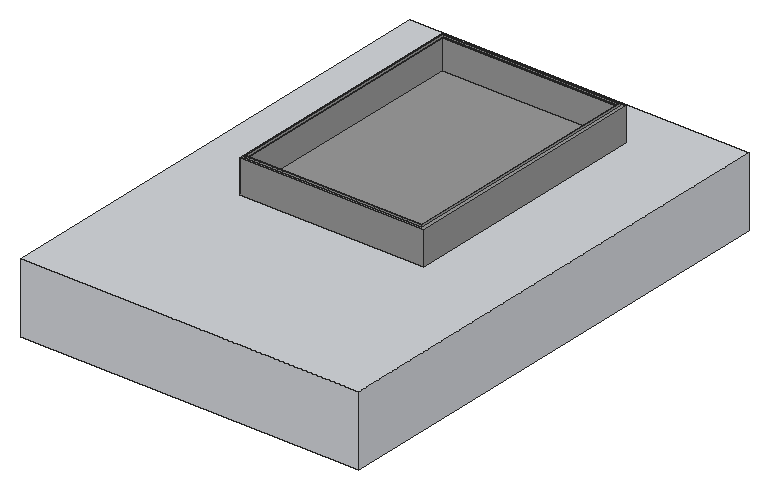
Revit family "Hager-Univers-IP44-D161-Cl.II-FWB-encl--CH-it", category Equipement électrique, Revit 2020
Family settings
  Hôte = Face
  Configuration du panneau = Deux colonnes, circuits au sein
  Cote de connecteur circulaire = Utiliser le diamètre
  Type d'élément = Tableau de raccordement
  Couper avec des vides une fois chargée = Non
  Partagée = Non
  Point de calcul de pièce = Non
Parameters (values of type "A parete IP44 L800 A1100 P161  - FWB73D1")
  Width Control [instance] = if([EF000008 - Larghezza] > Min Width, [EF000008 - Larghezza], Min Width)  # 800 mm
  Commentaires du type = [HG000003 - Gamma]  # "Univers"
  Thickness Door [instance] = if([EF009171 - spessore materiale porta/coperchio] > 3 mm, 3 mm, [EF009171 - spessore materiale porta/coperchio])  # 1 mm
  Seal Frame Offset [instance] = 17 mm  # constant formula
  Plinth Visibility [instance] = [HG000027 - Altezza dello zoccolo] > 0 mm  # no
  Model = ""
  Min Width [instance] = 100 mm  # constant formula
  Min Height [instance] = 100 mm  # constant formula
  Min Depth [instance] = (2 * [EF009170 - spessore materiale scatola]) + 1 mm  # 5 mm
  Internal Frame Depth [instance] = (Door System Depth * 0.5)  # 9 mm
  Height Control [instance] = if([EF000040 - Altezza] > Min Height, [EF000040 - Altezza], Min Height)  # 1100 mm
  HG000027 - Altezza dello zoccolo = 0 mm
  HG000026 - A pavimento = no
  HG000024 - Altezza della sezione inferiore = 800 mm
  HG000023 - Custodia a doppia sezione = no
  HG000016 - Visibilità delle porte nella vista 3D [instance] = yes
  HG000015 - Visibilità attraverso la porta [instance] = no
  HG000014 - Porta destra [instance] = yes
  HG000013 - Porta sinistra [instance] = not([HG000014 - Porta destra])  # no
  HG000012 - Angolo di apertura della porta [instance] = 30.00°
  HG000010 - Porte asimmetriche = no
  HG000009 - Porta doppia a battente = no
  HG000006 - Ad incasso = no
  HG000004 - Codice produttore = "FWB73D1"
  HG000003 - Gamma = "Univers"
  HG000002 - Con porta = no
  Frame Offset Bottom [instance] = 10 mm  # constant formula
  Frame Offset [instance] = 15 mm  # constant formula
  EF015940 - Coprire con rilascio di sovrapressione = no
  EF011959 - tipo di protezione (NEMA) = ""
  EF009554 - numero delle aperture per la piastra della flangia = 6
  Fabricant = "Hager"  # constant formula
  EF009212 - esecuzione coperchio = "EV009916 - con taglio"
  EF009171 - spessore materiale porta/coperchio = 1 mm
  EF009170 - spessore materiale scatola = 2 mm
  EF008873 - corrente nominale (In) = 125 A
  EF007800 - adatto per parafulmine = no
  EF006306 - con serratura = no
  EF006244 - coperchio/porta trasparente = no
  EF005474 - grado di protezione (IP) = "EV006418 - IP44"
  EF004464 - tipo di porta = "EV000494 - senza"
  EF004427 - numero di moduli = 252
  EF004293 - resistenza agli urti = "EV006815 - IK09"
  EF003532 - adatto per uso esterno = no
  EF002950 - Numero moduli DIN = 12
  EF001613 - Integrità del circuito = "EV000494 - senza"
  EF001596 - Attacco Lampada = "EV000179 - acciaio"
  EF001131 - profondità interna = 160 mm
  EF001088 - possibilità di applicazione = yes
  EF000437 - numero di ingressi per conduttori = 12
  EF000339 - tipo di copertura = "EV004216 - porta"
  EF000266 - numero di file = 0
  EF000218 - profondità di incasso = 0 mm
  EF000118 - con piastra di montaggio = no
  EF000116 - numero RAL = "9010"
  EF000049 - profondità = 161 mm
  EF000040 - Altezza = 1100 mm
  EF000008 - Larghezza = 800 mm
  EF000007 - colore = "EV000202 - bianco"
  EF000003 - Tipo di montaggio = "EV000384 - A parete"
  Door System Leaf Tolerance [instance] = 1.5 mm  # constant formula
  Door System Depth [instance] = 18 mm  # constant formula
  Door Height [instance] = Height Control - [HG000027 - Altezza dello zoccolo]  # 1100 mm
  Depth Control [instance] = if([EF000049 - profondità] > Min Depth, [EF000049 - profondità], Min Depth)  # 161 mm
  Default Elevation = 0 mm
  Connector Offset [instance] = Height Control / 2  # 550 mm
  Bottom Top Plate Trim [instance] = 1.5 mm  # constant formula
  Plinth height Ctrl [instance] = if([HG000027 - Altezza dello zoccolo] > 0 mm, [HG000027 - Altezza dello zoccolo], 12 mm)  # 12 mm
Reference planes
  plane 1 "Center (Front/Back)": y = 0
  plane 2: z = 0
  plane 3 "Center (Left/Right)": x = 0
  plane 4: z = 161
  plane 5: y = 2
  plane 6: y = 550
  plane 7: y = 0
  plane 8: y = 1100
  plane 9: z = 0
  plane 10: x = -385
  plane 11: x = 385
  plane 12: x = 383
  plane 13: x = -383
  plane 14: y = 1098
  plane 15: x = -383
  plane 16: x = -400
  plane 17: x = 383
  plane 18: x = 400
  plane 19: x = 398
  plane 20: x = -398
  plane 21: y = 12
  plane 22: y = 1100
  plane 23: y = 1083
  plane 24: z = 143
  plane 25: z = 2
  plane 26: z = 141
  plane 27: z = 159
Forms (mm)
  Extrusion 1, solid
    sketch origin (0, 0, 0) x (1, 0, 0) y (0, 1, 0)
      loop
        line (-702.964, 1305) -> (-702.964, -811.445) -> (766.763, -811.445) -> (766.763, 1305) -> (-702.964, 1305)
    from 0 to -304.8
  Extrusion 2, solid, material "Hager_Steel_RAL7035_Light_Grey", visible <- "Plinth Visibility", detail levels medium+fine
    sketch origin (0, 0, 0) x (1, 0, 0) y (0, 1, 0)
      loop
        line (-400, 0) -> (400, 0) -> (400, 12) -> (-400, 12) -> (-400, 0)
    from 0 to 143
  Extrusion 3, solid, material "Hager_Steel_RAL7035_Light_Grey", detail levels medium+fine
    sketch origin (0, 0, 0) x (1, 0, 0) y (0, 1, 0)
      loop
        line (-400, 0) -> (400, 0) -> (400, 1100) -> (-400, 1100) -> (-400, 0)
    from 0 to 143
  Extrusion 4, void
    sketch origin (0, 0, 0) x (1, 0, 0) y (0, 1, 0)
      loop
        line (-398, 2) -> (398, 2) -> (398, 1098) -> (-398, 1098) -> (-398, 2)
    from 2 to 141
  Extrusion 5, void
    sketch origin (-381.607, -4572, 143) x (0, -1, 0) y (-1, 0, 0)
      loop
        line (-4584, 1.393) -> (-5655, 1.393) -> (-5655, -764.607) -> (-4584, -764.607) -> (-4584, 1.393)
    from 0 to 2 <- "EF009170 - spessore materiale scatola"
  Extrusion 6, solid, material "Hager_Steel_RAL7035_Light_Grey", detail levels fine
    sketch origin (0, 0, 143) x (1, 0, 0) y (0, 1, 0)
      loop
        line (-383, 1083) -> (-383, 12) -> (383, 12) -> (383, 1083) -> (-383, 1083)
      loop
        line (-384, 11) -> (384, 11) -> (384, 1084) -> (-384, 1084) -> (-384, 11)
    from 0 to 9 <- "Internal Frame Depth"
  Extrusion 7, solid, material "Hager_Steel_RAL7035_Light_Grey", detail levels coarse
    sketch origin (0, 0, 0) x (1, 0, 0) y (0, 1, 0)
      loop
        line (-400, 0) -> (400, 0) -> (400, 1100) -> (-400, 1100) -> (-400, 0)
    from 0 to 161
  Sweep 8, void
    path in 3D
      loop
        line (-400, 12, 0) -> (400, 12, 0) -> (400, 12, 143) -> (-400, 12, 143) -> (-400, 12, 0)
    profile origin (-400, 12, 71.5) x (-1, 0, 0) y (0, -1, 0)
      loop
        line (0, 0) -> (0, 1.5) -> (-1.5, 1.5)
        arc (-1.5, 1.5) -> (-1.061, 0.439) -> (0, 0) r 1.5
Cuts and joins
  Extrusion 4, Extrusion 5 cuts Extrusion 3
  Sweep 8 cuts Extrusion 2
Lines and regions (mm)
  Masking region 1
    outline origin (0, 0, 0) x (1, 0, 0) y (0, 0, 1)
      loop
        line (-400, 161) -> (-400, 0) -> (400, 0) -> (400, 161) -> (-400, 161)
  Masking region 2, detail levels medium+fine
    outline origin (0, 140, 0) x (0, 1, 0) y (0, 0, 1)
      loop
        line (-140, 0) -> (960, 0) -> (960, 143) -> (-140, 143) -> (-140, 0)
  Masking region 3, not visible, detail levels medium+fine
    outline origin (0, 297.922, 0) x (0, 1, 0) y (0, 0, 1)
      loop
        line (263.578, 0) -> (303.578, 0) -> (303.578, 149)
        arc (303.578, 149) -> (300.649, 156.071) -> (293.578, 159) r 10
        line (293.578, 159) -> (263.578, 159) -> (263.578, 0)
  Masking region 4, detail levels coarse
    outline origin (0, 0, 180) x (0, 1, 0) y (0, 0, 1)
      loop
        line (0, -180) -> (1100, -180) -> (1100, -19) -> (0, -19) -> (0, -180)
  Masking region 5, visible <- "Plinth Visibility", detail levels medium+fine
    outline origin (0, 52.24, 12.345) x (0, 0, -1) y (0, 1, 0)
      loop
        line (10.845, -40.24) -> (-129.155, -40.24)
        arc (-129.155, -40.24) -> (-129.594, -41.301) -> (-130.655, -41.74) r 1.5
        line (-130.655, -41.74) -> (-130.655, -52.24) -> (12.345, -52.24) -> (12.345, -41.74)
        arc (12.345, -41.74) -> (11.285, -41.301) -> (10.845, -40.24) r 1.5
  Masking region 6, detail levels medium+fine
    outline origin (-381.607, -4572, 143) x (-1, 0, 0) y (0, -1, 0)
      loop
        line (18.393, -5672) -> (18.393, -4572) -> (-781.607, -4572) -> (-781.607, -5672) -> (18.393, -5672)
  Masking region 7, visible <- "Plinth Visibility", detail levels medium+fine
    outline origin (-381.607, -4727, 143) x (-1, 0, 0) y (0, -1, 0)
      loop
        arc (16.893, -4739) -> (17.332, -4737.939) -> (18.393, -4737.5) r 1.5
        line (18.393, -4737.5) -> (18.393, -4727) -> (-781.607, -4727) -> (-781.607, -4737.5)
        arc (-781.607, -4737.5) -> (-780.546, -4737.939) -> (-780.107, -4739) r 1.5
        line (-780.107, -4739) -> (16.893, -4739)
  Masking region 8, detail levels coarse
    outline origin (-442.548, -4669.526, 143) x (-1, 0, 0) y (0, -1, 0)
      loop
        line (-42.548, -5769.526) -> (-42.548, -4669.526) -> (-842.548, -4669.526) -> (-842.548, -5769.526) -> (-42.548, -5769.526)
  sketch lines
    curve 1: line (-400, 12, 143) -> (-400, 12, 0)
    curve 2: line (400, 12, 143) -> (-400, 12, 143)
    curve 3: line (400, 12, 143) -> (400, 12, 0)
    curve 4: line (-400, 12, 0) -> (400, 12, 0)
Dimensions and locks
  "Depth Control": plane 4 to Extrusion 1
  "HG000027 - Altezza dello zoccolo": plane 1 "Center (Front/Back)" to plane 7
  "EF009170 - spessore materiale scatola": plane 5 to plane 7
  locked: connector elem to plane 3 "Center (Left/Right)"
  equal spacing: plane 8, plane 6, plane 7
  locked: connector elem to plane 6
  "EF009170 - spessore materiale scatola": plane 8 to plane 14
  "EF009170 - spessore materiale scatola": plane 10 to plane 13
  "EF009170 - spessore materiale scatola": plane 12 to plane 11
  "Frame Offset": plane 20 to plane 13
  "Frame Offset": plane 12 to plane 19
  "EF009170 - spessore materiale scatola": plane 16 to plane 20
  "EF009170 - spessore materiale scatola": plane 19 to plane 18
  "Seal Frame Offset": plane 16 to plane 15
  "Seal Frame Offset": plane 17 to plane 18
  "Frame Offset Bottom": plane 21 to plane 5
  "Frame Offset": plane 14 to plane 23
  equal spacing: plane 16, plane 3 "Center (Left/Right)", plane 18
  "Width Control": plane 16 to plane 18
  "EF009170 - spessore materiale scatola": plane 4 to plane 27
  "EF009170 - spessore materiale scatola": plane 24 to plane 26
  "EF009170 - spessore materiale scatola": plane 25 to level
  "Door System Depth": plane 4 to plane 24
  "Height Control": plane 1 "Center (Front/Back)" to Extrusion 7 sketch curve
  "Height Control": Masking region 4 sketch curve to plane 1 "Center (Front/Back)"
  "Height Control": plane 1 "Center (Front/Back)" to plane 22
  "Bottom Top Plate Trim": profile plane to Sweep 8 sketch curve
  "Bottom Top Plate Trim": Sweep 8 sketch curve to profile plane
  "Plinth height Ctrl": plane 1 "Center (Front/Back)" to Extrusion 2 sketch curve
  "Plinth height Ctrl": Masking region 5 sketch curve to plane 1 "Center (Front/Back)"
  "Plinth height Ctrl": plane 1 "Center (Front/Back)" to Masking region 7 sketch curve
  "Thickness Door": Extrusion 6 sketch curve to Extrusion 6 sketch curve  (x3)
  "Thickness Door": cut or joined group of Extrusion 3, Extrusion 4, Extrusion 5 to Extrusion 6 sketch curve
  radius of Masking region 3 sketch curve = 10 mm
  "Bottom Top Plate Trim": radius of Masking region 5 sketch curve  (x2)
  "Bottom Top Plate Trim": radius of Sweep 8 sketch curve
  "Bottom Top Plate Trim": radius of Masking region 7 sketch curve  (x2)
  aligned and locked: plane 2 to Extrusion 1
  aligned and locked: level to Extrusion 1
  aligned and locked: level to Masking region 1 sketch curve
  aligned and locked: Masking region 1 sketch curve to plane 18
  aligned and locked: Masking region 1 sketch curve to plane 16
  aligned and locked: plane 7 to Masking region 2 sketch curve
  aligned and locked: level to Masking region 3 sketch curve
  aligned and locked: Masking region 3 sketch curve to plane 27
  aligned and locked: level to Masking region 2 sketch curve
  aligned and locked: plane 1 "Center (Front/Back)" to Extrusion 2 sketch curve
  aligned and locked: Extrusion 3 sketch curve to plane 7
  aligned and locked: plane 16 to Extrusion 3 sketch curve
  aligned and locked: plane 18 to Extrusion 3 sketch curve
  aligned and locked: plane 20 to Extrusion 4 sketch curve
  aligned and locked: plane 19 to Extrusion 4 sketch curve
  aligned and locked: Extrusion 4 sketch curve to plane 5
  aligned and locked: Extrusion 4 to plane 25
  aligned and locked: plane 26 to Extrusion 4
  aligned and locked: plane 24 to Extrusion 3
  aligned and locked: Extrusion 5 sketch curve to plane 21
  aligned and locked: Extrusion 5 sketch curve to plane 13
  aligned and locked: Extrusion 5 sketch curve to plane 12
  aligned and locked: plane 18 to Extrusion 7 sketch curve
  aligned and locked: plane 1 "Center (Front/Back)" to Extrusion 7 sketch curve
  aligned and locked: plane 16 to Extrusion 7 sketch curve
  aligned and locked: plane 4 to Extrusion 7
  aligned and locked: Extrusion 7 to level
  aligned and locked: level to Masking region 4 sketch curve
  aligned and locked: Masking region 4 sketch curve to plane 1 "Center (Front/Back)"
  aligned and locked: Masking region 4 sketch curve to plane 4
  aligned and locked: nested 1 to level
  aligned and locked: nested 1 to plane 16
  aligned and locked: plane 8 to Extrusion 3 sketch curve
  aligned and locked: plane 23 to Extrusion 5 sketch curve
  aligned and locked: plane 14 to Extrusion 4 sketch curve
  aligned and locked: Masking region 2 sketch curve to plane 8
  aligned and locked: level to Masking region 5 sketch curve
  aligned and locked: plane 16 to Extrusion 2 sketch curve
  aligned and locked: plane 18 to Extrusion 2 sketch curve
  aligned and locked: Masking region 5 sketch curve to plane 24
  aligned and locked: Masking region 2 sketch curve to plane 24
  aligned and locked: plane 24 to Extrusion 2
  aligned and locked: profile plane to Sweep 8 sketch curve  (x2)
  aligned and locked: Masking region 6 sketch curve to plane 18
  aligned and locked: Masking region 6 sketch curve to plane 22
  aligned and locked: Masking region 6 sketch curve to plane 16
  aligned and locked: plane 8 to plane 22
  aligned and locked: Masking region 6 sketch curve to plane 7
  aligned and locked: Masking region 7 sketch curve to plane 16
  aligned and locked: Masking region 7 sketch curve to plane 1 "Center (Front/Back)"
  aligned and locked: Masking region 7 sketch curve to plane 18
  aligned and locked: Masking region 8 sketch curve to plane 1 "Center (Front/Back)"
  aligned and locked: Masking region 8 sketch curve to plane 18
  aligned and locked: Masking region 8 sketch curve to plane 22
  aligned and locked: Masking region 8 sketch curve to plane 16
  aligned and locked: nested 2 to plane 7
  aligned and locked: plane 3 "Center (Left/Right)" to nested 2
  aligned and locked: nested 2 to plane 24
  aligned and locked: Extrusion 6 sketch curve to cut or joined group of Extrusion 3, Extrusion 4, Extrusion 5  (x4)
Automatic sketch dimensions
  Extrusion 1 sketch curve to Extrusion 1 sketch curve = 1469.727 mm
  Extrusion 1 sketch curve to Extrusion 1 sketch curve = 2116.445 mm
  Masking region 1 sketch curve to plane 4 = 0 mm
  plane 6 to Masking region 3 sketch curve = 11.5 mm
  Masking region 3 sketch curve to Masking region 3 sketch curve = 30 mm
  Masking region 5 sketch curve to plane 1 "Center (Front/Back)" = 0 mm
Nested families
  nested 1: "Hager_Enclosure_Symbol" at (-400, 0, 0) x (1, 0, 0) z (0, -1, 0), Height <- "Depth Control", Width <- "Width Control", type "Hager_Enclosure_Symbol"
    with Width_Ctrl 800 mm, Width 800 mm, Height_Ctrl 161 mm, Height 161 mm, A_Width_Int 10.566 mm, A_Width 126.788 mm, A_Height_Ctrl 140.875 mm, A_Height 140.875 mm
  nested 2: "EC000058_Univers_Door" at (0, 0, 143) x (1, 0, 0) z (0, 1, 0), Leaf_Tolerance <- "Door System Leaf Tolerance", Angle <- "HG000012 - Angolo di apertura della porta", Door_Depth <- "Door System Depth", Door_Left <- "HG000013 - Porta sinistra", Transparent <- "EF006244 - coperchio/porta trasparente", Assymetrical <- "HG000010 - Porte asimmetriche", Width <- "Width Control", Clearance <- "HG000015 - Visibilità attraverso la porta", Double <- "HG000009 - Porta doppia a battente", 3d_Door <- "HG000016 - Visibilità delle porte nella vista 3D", Lock_Visibility <- "EF006306 - con serratura", Width_Ctrl <- "Width Control", Door_Right <- "HG000014 - Porta destra", Door <- "HG000002 - Con porta", Height <- "Door Height", Thickness <- "Thickness Door", type "EC000058_Univers_Door", detail levels medium+fine
    with min_wh 3 mm, Width_Ctrl 800 mm, Width 800 mm, Transparent no, Thickness 1 mm, Seal_Material Hager_Rubber, Lock_Visibility no, Lock_Material Hager_Plastic_RAL9005_Jet_Black, Leaf_Width 800 mm, Leaf_Tolerance_External_Sides 0 mm, Leaf_Tolerance 1.5 mm, Leaf_Offset 0 mm, Leaf_Height 1097 mm, Leaf_2_Width 800 mm, Leaf_2_Offset 400 mm, Leaf_1_Width 800 mm, Leaf_1_Offset 400 mm, Height_Ctrl 1100 mm, Height 1100 mm, Glass_Material Hager_Glass, Double_Clearance_Ctrl no, Double no, Door_Right_Ctrl no, Door_Right yes, Door_Material Hager_Steel_RAL7035_Light_Grey, Door_Left_Ctrl no, Door_Left no, Door_Depth 18 mm, Door no, Clearance_Material Hager_Clearance, Clearance_Depth 800 mm, Clearance_Ctrl no, Clearance no, Assymetrical no, Angle 30.00°, 3d_Door yes
Connectors
  electrical at (0, 550, 0)
    settings: on plane 9, index 1, voltage 0 V, apparent load 0 VA, apparent load phase1 0 VA, apparent load phase2 0 VA, apparent load phase3 0 VA, power factor 1, load classification "Other", number of poles 1, system type 30, power factor state 1, is connector primary yes, connector utility no, sub classification motor no, connector description ""
Definition of nested family "Hager_Enclosure_Symbol"
  Parameters (values of type "Hager_Enclosure_Symbol")
    Width_Ctrl [instance] = if(Width > 1 mm, Width, 1 mm)  # 102.27 mm
    Width [instance] = 102.27 mm
    Height_Ctrl [instance] = if(Height > 1 mm, Height, 1 mm)  # 66.5 mm
    A_Width_Int [instance] = if(A_Width / 12 > 2 mm, A_Width / 12, 2 mm)  # 4.364 mm
    A_Width [instance] = if(A_Height_Ctrl * 0.9 > 2 mm, A_Height_Ctrl * 0.9, 2 mm)  # 52.369 mm
    A_Height_Ctrl [instance] = if(A_Height > 2 mm, A_Height, 2 mm)  # 58.188 mm
    Height [instance] = 66.5 mm
    A_Height [instance] = Height - (Height / 8)  # 58.188 mm
  Reference planes
    plane 1 "Centre (avant/arrière)": y = 0
    plane 2: z = 0
    plane 3 "Centre (gauche/droite)": x = 0
    plane 4: x = 52.369
    plane 5: y = 33.042
    plane 6: y = 41.77
    plane 7: y = 66.5
    plane 8: x = 26.184
    plane 9: y = 37.406
    plane 10: x = 102.27
    plane 11: y = 66.5
    plane 12: y = 8.313
  Lines and regions (mm)
    Filled region 1, type "Solid_Black", in view "Niveau de réf."
      outline origin (0, 0, 0) x (1, 0, 0) y (0, 1, 0)
        loop
          line (52.369, 66.5) -> (33.188, 54.536) -> (45.365, 45.006) -> (52.369, 66.5)
    Filled region 2, type "Solid_Black", in view "Niveau de réf."
      outline origin (0, 0, 0) x (1, 0, 0) y (0, 1, 0)
        loop
          line (0, 0) -> (102.27, 0) -> (102.27, 66.5) -> (0, 0)
    detail lines, in view "Niveau de réf."
      curve 1: line (0, 8.313, 0) -> (26.184, 41.77, 0)
      curve 2: line (26.184, 41.77, 0) -> (26.184, 33.042, 0)
      curve 3: line (26.184, 33.042, 0) -> (52.369, 66.5, 0)
  Dimensions and locks
    "A_Width": plane 3 "Centre (gauche/droite)" to plane 4
    equal spacing: plane 3 "Centre (gauche/droite)", plane 8, plane 4
    equal spacing: plane 6, plane 9, plane 5
    equal spacing: curve 3, Filled region 1 sketch curve, Filled region 1 sketch curve
    "Height_Ctrl": plane 1 "Centre (avant/arrière)" to plane 11
    "A_Height_Ctrl": plane 11 to plane 12
    equal spacing: plane 11, plane 9, plane 12
    "A_Width_Int": plane 6 to plane 9
    "Width_Ctrl": plane 3 "Centre (gauche/droite)" to plane 10
    angle Filled region 1 sketch curve to curve 3 = 20.00°
    angle curve 3 to Filled region 1 sketch curve = 20.00°
    locked: curve 3 to Filled region 1 sketch curve (angle 90.00°)
    aligned and locked: plane 10 to Filled region 2
    aligned and locked: plane 11 to Filled region 2 sketch curve
    aligned and locked: plane 10 to Filled region 2 sketch curve
    aligned and locked: plane 3 "Centre (gauche/droite)" to curve 1
    aligned and locked: plane 12 to curve 1
    aligned and locked: plane 7 to plane 11
  Automatic sketch dimensions
    Filled region 1 sketch curve to plane 4 = 0 mm
    Filled region 1 sketch curve to plane 7 = 0 mm
    plane 1 "Centre (avant/arrière)" to Filled region 2 sketch curve = 0 mm
    Filled region 2 sketch curve to plane 3 "Centre (gauche/droite)" = 0 mm
    curve 2 to plane 6 = 0 mm
    curve 2 to plane 8 = 0 mm
    curve 3 to plane 4 = 0 mm
    curve 2 to plane 5 = 0 mm
    curve 3 to plane 7 = 0 mm
Definition of nested family "EC000058_Univers_Door"
  Parameters (values of type "EC000058_Univers_Door")
    min_wh [instance] = (2 * Thickness) + 1 mm  # 11 mm
    Width_Ctrl [instance] = 400 mm
    Width [instance] = 500 mm
    Transparent [instance] = yes
    Thickness [instance] = 5 mm
    Seal_Material [instance] = none
    Lock_Visibility [instance] = yes
    Lock_Material [instance] = none
    Leaf_Width [instance] = if((Width_Ctrl - 2 * Leaf_Tolerance_External_Sides) > 0 mm, (Width_Ctrl - 2 * Leaf_Tolerance_External_Sides), min_wh)  # 400 mm
    Leaf_Tolerance_External_Sides [instance] = 0 mm  # constant formula
    Leaf_Tolerance [instance] = 1.5 mm
    Leaf_Offset [instance] = 0 mm  # constant formula
    Leaf_Height [instance] = if((Height_Ctrl - 2 * Leaf_Tolerance) > 0 mm, (Height_Ctrl - 2 * Leaf_Tolerance), min_wh)  # 497 mm
    Leaf_2_Width [instance] = if(and(and(Double, Assymetrical), Door_Left), (Leaf_Width / 3) - (Leaf_Tolerance / 2), if(and(and(Double, Assymetrical), Door_Right), (Leaf_Width / 3) * 2 - (Leaf_Tolerance / 2), if(and(Double, not(Assymetrical)), (Leaf_Width / 2) - Leaf_Tolerance, Leaf_Width)))  # 400 mm
    Leaf_2_Offset [instance] = if(and(Double, Assymetrical), Leaf_2_Width / 2, if(and(Double, not(Assymetrical)), Leaf_Width / 4, Leaf_Width / 2))  # 200 mm
    Leaf_1_Width [instance] = if(and(and(Double, Assymetrical), Door_Right), (Leaf_Width / 3) - (Leaf_Tolerance / 2), if(and(and(Double, Assymetrical), Door_Left), (Width / 3) * 2 - (Leaf_Tolerance / 2), if(and(Double, not(Assymetrical)), (Leaf_Width / 2) - Leaf_Tolerance, Leaf_Width)))  # 400 mm
    Leaf_1_Offset [instance] = if(and(Double, Assymetrical), Leaf_1_Width / 2, if(and(Double, not(Assymetrical)), Leaf_Width / 4, Leaf_Width / 2))  # 200 mm
    Height_Ctrl [instance] = if(Height > min_wh, Height, min_wh)  # 500 mm
    Height [instance] = 500 mm
    Glass_Material [instance] = none
    Double_Clearance_Ctrl [instance] = and(Double, Clearance)  # no
    Double [instance] = no
    Door_Right_Ctrl [instance] = and(or(Door_Right, Double), Door)  # yes
    Door_Right [instance] = yes
    Door_Material [instance] = none
    Door_Left_Ctrl [instance] = and(or(Door_Left, Double), Door)  # no
    Door_Left [instance] = no
    Door_Depth [instance] = 30 mm
    Door [instance] = yes
    Default Elevation = 1219.2 mm
    Clearance_Material [instance] = none
    Clearance_Depth [instance] = if(Leaf_1_Width > Leaf_2_Width, Leaf_1_Width, Leaf_2_Width)  # 400 mm
    Clearance_Ctrl [instance] = and(not(Double), Clearance)  # yes
    Clearance [instance] = yes
    Assymetrical [instance] = yes
    Angle [instance] = 30.00°
    3d_Door [instance] = yes
  Reference planes
    plane 1 "Center (Front/Back)": y = 0
    plane 2 "Bottom": z = 0
    plane 3 "Center (Left/Right)": x = 0
    plane 4: z = 500
    plane 5: x = -200
    plane 6: x = 200
    plane 7: z = 500
    plane 8: x = -200
    plane 9: z = 0
    plane 10: x = 200
    plane 11: y = 0
    plane 12: z = 1.5
    plane 13: x = -600
    plane 14: y = -400
    plane 15: x = 600
    plane 16: x = 0
    plane 17: x = 0
    plane 18: x = -200
    plane 19: x = 200
    plane 20: z = 498.5
  Forms (mm)
    Extrusion 1, solid, material <- "Clearance_Material", visible <- "Double_Clearance_Ctrl"
      sketch origin (1200, 0, 0) x (1, 0, 0) y (0, 0, -1)
        loop
          line (-1800, -498.5) -> (-600, -498.5) -> (-600, 0) -> (-1800, 0) -> (-1800, -498.5)
      from 0 to -400
  Dimensions and locks
    equal spacing: plane 5, plane 3 "Center (Left/Right)", plane 6
    "Width_Ctrl": plane 5 to plane 6
    "Leaf_Offset": plane 5 to plane 8
    "Leaf_Offset": plane 6 to plane 10
    "Leaf_Offset": plane 9 to level
    "Leaf_Offset": plane 4 to plane 7
    "Height_Ctrl": plane 4 to level
    "Leaf_Tolerance": plane 12 to plane 9
    locked: plane 11 to plane 1 "Center (Front/Back)"
    "Leaf_1_Offset": plane 18 to plane 16
    "Leaf_2_Offset": plane 17 to plane 19
    "Leaf_1_Width": plane 13 to plane 8
    "Leaf_2_Width": plane 10 to plane 15
    "Clearance_Depth": plane 14 to plane 1 "Center (Front/Back)"
    "Leaf_Tolerance_External_Sides": plane 8 to plane 18
    "Leaf_Tolerance_External_Sides": plane 19 to plane 10
    "Leaf_Tolerance": plane 7 to plane 20
    aligned and locked: level to plane 2 "Bottom"
    aligned and locked: nested 1 to plane 16
    aligned and locked: nested 2 to plane 17
    aligned and locked: Extrusion 1 to plane 13
    aligned and locked: plane 15 to Extrusion 1
    aligned and locked: Extrusion 1 to plane 14
    aligned and locked: plane 12 to nested 1
    aligned and locked: nested 2 to plane 12
    aligned and locked: Extrusion 1 to plane 11
    aligned and locked: plane 20 to Extrusion 1
    aligned and locked: nested 2 to plane 11
    aligned and locked: nested 1 to plane 11
  Automatic sketch dimensions
    Extrusion 1 sketch curve to level = 0 mm
    plane 5 to Extrusion 1 sketch curve = 400 mm
    plane 6 to Extrusion 1 sketch curve = 400 mm
    Extrusion 1 sketch curve to plane 4 = 1.5 mm
  Nested families
    nested 1: "EC000058_Univers_Door_Leaf" at (0, 0, 1.5), Width <- "Leaf_1_Width", visible <- "Door_Left_Ctrl", Leaf_Height <- "Leaf_Height", Angle <- "Angle", 3d_Door <- "3d_Door", Transparent <- "Transparent", Clearance Material <- "Clearance_Material", Clearance <- "Clearance_Ctrl", Door_Material <- "Door_Material", Glass_Material <- "Glass_Material", Door_Depth <- "Door_Depth", Lock_Material <- "Lock_Material", Seal_Material <- "Seal_Material", Lock_Visibility <- "Lock_Visibility", Thickness <- "Thickness", type "EC000058_Univers_Door_Leaf"
      with Width 400 mm, Transparent_Glass_Offset 30 mm, Transparent_Ctrl yes, Transparent yes, Thickness 5 mm, Standard no, Seal_Material none, Seal_D2 8 mm, Seal_D1 1 mm, Offset_Internal_Frame 10 mm, Lock_Width 20 mm, Lock_Visibility_3d yes, Lock_Visibility yes, Lock_Thickness_3 3 mm, Lock_Thickness_2 1 mm, Lock_Thickness_1 3 mm, Lock_Radius_Offset_2 16 mm, Lock_Radius_Offset_1 15 mm, Lock_Radius_2 5 mm, Lock_Radius 6 mm, Lock_Offset 5 mm, Lock_Material none, Lock_Height 80 mm, Lock_Cover_Top_Offset_2d 17 mm, Lock_Cover_Height -65 mm, Leaf_Height 497 mm, Internal_Seal_Thickness 8 mm, Internal_Seal_Depth_2 4.5 mm, Internal_Frame_Depth 25 mm, Glass_Thickness -1 mm, Glass_Offset -2 mm, Glass_Material none, Door_Material none, Door_Depth 30 mm, Clearance Material none, Clearance yes, Angle_Ctrl 30.00°, Angle 30.00°, 3d_Door yes
    nested 2: "EC000058_Univers_Door_Leaf" at (0, 0, 1.5) x (-1, 0, 0) z (0, 0, 1), Width <- "Leaf_2_Width", visible <- "Door_Right_Ctrl", Leaf_Height <- "Leaf_Height", Angle <- "Angle", 3d_Door <- "3d_Door", Transparent <- "Transparent", Clearance Material <- "Clearance_Material", Clearance <- "Clearance_Ctrl", Door_Material <- "Door_Material", Glass_Material <- "Glass_Material", Door_Depth <- "Door_Depth", Lock_Material <- "Lock_Material", Seal_Material <- "Seal_Material", Lock_Visibility <- "Lock_Visibility", Thickness <- "Thickness", type "EC000058_Univers_Door_Leaf"
      with Width 400 mm, Transparent_Glass_Offset 30 mm, Transparent_Ctrl yes, Transparent yes, Thickness 5 mm, Standard no, Seal_Material none, Seal_D2 8 mm, Seal_D1 1 mm, Offset_Internal_Frame 10 mm, Lock_Width 20 mm, Lock_Visibility_3d yes, Lock_Visibility yes, Lock_Thickness_3 3 mm, Lock_Thickness_2 1 mm, Lock_Thickness_1 3 mm, Lock_Radius_Offset_2 16 mm, Lock_Radius_Offset_1 15 mm, Lock_Radius_2 5 mm, Lock_Radius 6 mm, Lock_Offset 5 mm, Lock_Material none, Lock_Height 80 mm, Lock_Cover_Top_Offset_2d 17 mm, Lock_Cover_Height -65 mm, Leaf_Height 497 mm, Internal_Seal_Thickness 8 mm, Internal_Seal_Depth_2 4.5 mm, Internal_Frame_Depth 25 mm, Glass_Thickness -1 mm, Glass_Offset -2 mm, Glass_Material none, Door_Material none, Door_Depth 30 mm, Clearance Material none, Clearance yes, Angle_Ctrl 30.00°, Angle 30.00°, 3d_Door yes
  Definition of nested family "EC000058_Univers_Door_Leaf"
    Parameters (values of type "EC000058_Univers_Door_Leaf")
      Width [instance] = 2000 mm
      Transparent_Glass_Offset [instance] = 30 mm
      Transparent_Ctrl [instance] = and(Transparent, [3d_Door])  # yes
      Transparent [instance] = yes
      Thickness [instance] = 5 mm
      Standard [instance] = and(not(Transparent), [3d_Door])  # no
      Seal_Material [instance] = none
      Seal_D2 [instance] = 8 mm  # constant formula
      Seal_D1 [instance] = 1 mm  # constant formula
      Offset_Internal_Frame [instance] = 10 mm  # constant formula
      Lock_Width [instance] = 20 mm  # constant formula
      Lock_Visibility_3d [instance] = and(Lock_Visibility, [3d_Door])  # yes
      Lock_Visibility [instance] = yes
      Lock_Thickness_3 [instance] = 3 mm  # constant formula
      Lock_Thickness_2 [instance] = 1 mm  # constant formula
      Lock_Thickness_1 [instance] = 3 mm  # constant formula
      Lock_Radius_Offset_2 [instance] = Lock_Radius_Offset_1 + 1 mm  # 16 mm
      Lock_Radius_Offset_1 [instance] = 15 mm  # constant formula
      Lock_Radius_2 [instance] = Lock_Radius - 1 mm  # 5 mm
      Lock_Radius [instance] = 6 mm  # constant formula
      Lock_Offset [instance] = 5 mm  # constant formula
      Lock_Material [instance] = none
      Lock_Height [instance] = 80 mm  # constant formula
      Lock_Cover_Top_Offset_2d [instance] = Lock_Radius_Offset_2 + 1 mm  # 17 mm
      Lock_Cover_Height [instance] = -(Lock_Height - Lock_Radius_Offset_1)  # -65 mm
      Leaf_Height [instance] = 2720.336 mm
      Internal_Seal_Thickness [instance] = 8 mm  # constant formula
      Internal_Seal_Depth_2 [instance] = 4.5 mm  # constant formula
      Internal_Frame_Depth [instance] = if(Door_Depth - Thickness > 5 mm, Door_Depth - Thickness, 5 mm)  # 25 mm
      Glass_Thickness [instance] = if(Thickness > 15 mm, Glass_Offset + 10 mm, -1 mm)  # -1 mm
      Glass_Offset [instance] = if(Thickness > 15 mm, -(Thickness + 10 mm) / 2, -2 mm)  # -2 mm
      Glass_Material [instance] = none
      Door_Material [instance] = none
      Door_Depth [instance] = 30 mm
      Default Elevation = 0 mm
      Clearance Material [instance] = none
      Clearance [instance] = yes
      Angle_Ctrl [instance] = if(Angle > 180.00°, 180.00°, Angle)  # 90.00°
      Angle [instance] = 90.00°
      3d_Door [instance] = yes
    Reference planes
      plane 1 "Center (Front/Back)": y = 0
      plane 2: z = 0
      plane 3 "Center (Left/Right)": x = 0
      plane 4: y = 2000
      plane 5: x = -1000
      plane 6: x = 1000
      plane 7: x = -3000
      plane 8: z = 2720.336
      plane 9: z = 30
      plane 10: z = 2690.336
      plane 11: x = 970
      plane 12: x = -970
      plane 13: y = -3
      plane 14: z = 107.833
      plane 15: y = -5
      plane 16: y = -223.314
      plane 17: x = -1000
      plane 18: z = 1360.168
      plane 19: y = 30
    Forms (mm)
      Extrusion 1, solid, material <- "Clearance Material", visible <- "Clearance"
        sketch origin (0, 0, 0) x (1, 0, 0) y (0, 0, 1)
          loop
            line (-3000, 2720.336) -> (-3000, 0) -> (1000, 0) -> (1000, 2720.336) -> (-3000, 2720.336)
        from 0 to -2000
      Extrusion 2, solid, material <- "Door_Material", visible <- "Standard", detail levels medium+fine
        sketch origin (-1000, 0, 0) x (0, 1, 0) y (-1, 0, 0)
          loop
            line (0, 30) -> (0, 25) -> (2000, 25) -> (2000, 30) -> (0, 30)
        from 0 to 2720.336 <- "Leaf_Height"
      Extrusion 3, solid, material <- "Door_Material", visible <- "Transparent_Ctrl", detail levels medium+fine
        sketch origin (-1000, 0, 0) x (0, 1, 0) y (-1, 0, 0)
          loop
            line (0, 25) -> (2000, 25) -> (2000, 30) -> (0, 30) -> (0, 25)
        from 0 to 2720.336 <- "Leaf_Height"
      Extrusion 4, void
        sketch origin (-1025, 2000, 0) x (0, 1, 0) y (0, 0, -1)
          loop
            line (-30, -2690.336) -> (-30, -30) -> (-1970, -30) -> (-1970, -2690.336) -> (-30, -2690.336)
        from 0 to 5 <- "Thickness"
      Sweep 5, solid, material <- "Seal_Material", visible <- "Transparent_Ctrl", detail levels fine
        path in 3D
          loop
            line (-1025, 30, 30) -> (-1025, 30, 2690.336) -> (-1025, 1970, 2690.336) -> (-1025, 1970, 30) -> (-1025, 30, 30)
        profile origin (-1025, 1000, 30) x (1, 0, 0) y (0, 0, 1)
          loop
            line (0, 0) -> (0, -8) -> (1, -8) -> (1, 0) -> (0, 0)
      Extrusion 6, solid, material <- "Glass_Material", visible <- "Transparent_Ctrl", detail levels medium+fine
        sketch origin (-1030, 0, 0) x (0, 1, 0) y (0, 0, -1)
          loop
            line (1970, -2690.336) -> (1970, -30) -> (30, -30) -> (30, -2690.336) -> (1970, -2690.336)
        from -2 <- "Glass_Offset" to -1 <- "Glass_Thickness"
      Extrusion 7, solid, material <- "Door_Material", visible <- "3d_Door", detail levels medium+fine
        sketch origin (-1025, 2000, 0) x (0, -1, 0) y (0, 0, -1)
          loop
            line (0, -2720.336) -> (2000, -2720.336) -> (2000, 0) -> (0, 0) -> (0, -2720.336)
          loop
            line (1995, -5) -> (5, -5) -> (5, -2715.336) -> (1995, -2715.336) -> (1995, -5)
        from 0 to 25 <- "Internal_Frame_Depth"
      Sweep 8, solid, material <- "Seal_Material", visible <- "Transparent_Ctrl", detail levels fine
        path in 3D
          loop
            line (-1025, 0, 0) -> (-1025, 2000, 0) -> (-1025, 2000, 2720.336) -> (-1025, 0, 2720.336) -> (-1025, 0, 0)
        profile origin (-1025, 0, 1360.168) x (1, 0, 0) y (0, 1, 0)
          loop
            line (0, 10) -> (2.975, 10)
            arc (2.975, 10) -> (4.053, 10.447) -> (4.5, 11.525) r 1.525
            line (4.5, 11.525) -> (4.5, 16.527)
            arc (4.5, 16.527) -> (4.069, 17.569) -> (3.027, 18) r 1.473
            line (3.027, 18) -> (0, 18) -> (0, 10)
      Extrusion 9, solid, material <- "Lock_Material", visible <- "Lock_Visibility_3d", detail levels fine
        sketch origin (-1030, 0, 0) x (0, 1, 0) y (0, 0, -1)
          loop
            arc (1993.5, -1400.168) -> (1994.561, -1399.729) -> (1995, -1398.668) r 1.5
            line (1995, -1398.668) -> (1995, -1320.168) -> (1975, -1320.168) -> (1975, -1398.668)
            arc (1975, -1398.668) -> (1975.439, -1399.729) -> (1976.5, -1400.168) r 1.5
            line (1976.5, -1400.168) -> (1993.5, -1400.168)
        from 3 <- "Lock_Thickness_1" to 0
      Blend 10, solid, material <- "Lock_Material", visible <- "Lock_Visibility_3d", detail levels fine
        base sketch origin (-1033, 0, 0) x (0, 1, 0) y (0, 0, -1)
          loop
            line (1975, -1320.168) -> (1975, -1398.668)
            arc (1975, -1398.668) -> (1975.439, -1399.729) -> (1976.5, -1400.168) r 1.5
            line (1976.5, -1400.168) -> (1993.5, -1400.168)
            arc (1993.5, -1400.168) -> (1994.561, -1399.729) -> (1995, -1398.668) r 1.5
            line (1995, -1398.668) -> (1995, -1320.168) -> (1975, -1320.168)
        top sketch origin (-1033, 0, 0) x (0, 1, 0) y (0, 0, -1)
          loop
            line (1976, -1320.168) -> (1976, -1398.668)
            arc (1976, -1398.668) -> (1976.146, -1399.022) -> (1976.5, -1399.168) r 0.5
            line (1976.5, -1399.168) -> (1993.5, -1399.168)
            arc (1993.5, -1399.168) -> (1993.854, -1399.022) -> (1994, -1398.668) r 0.5
            line (1994, -1398.668) -> (1994, -1320.168) -> (1976, -1320.168)
        from 0 to 1 <- "Lock_Thickness_2"
      Blend 11, solid, material <- "Lock_Material", visible <- "Lock_Visibility_3d", detail levels fine
        base sketch origin (-1034, 0, 0) x (0, 1, 0) y (0, 0, -1)
          loop
            line (1978, -1320.168) -> (1978, -1384.168)
            arc (1978, -1384.168) -> (1985, -1391.168) -> (1992, -1384.168) r 7
            line (1992, -1384.168) -> (1992, -1320.168) -> (1978, -1320.168)
        top sketch origin (-1034, 0, 0) x (0, 1, 0) y (0, 0, -1)
          loop
            line (1991, -1320.168) -> (1979, -1320.168) -> (1979, -1383.168)
            arc (1979, -1383.168) -> (1985, -1389.168) -> (1991, -1383.168) r 6
            line (1991, -1383.168) -> (1991, -1320.168)
        from 0 to 3 <- "Lock_Thickness_3"
      Extrusion 12, solid, material <- "Lock_Material", visible <- "Lock_Visibility_3d", detail levels fine
        sketch origin (-1030, 1975, 1320.168) x (1, 0, 0) y (0, -1, 0)
          loop
            line (-7, -19) -> (-7, -1) -> (0, -1) -> (0, 0) -> (-8, 0) -> (-8, -20) -> (0, -20) -> (0, -19) -> (-7, -19)
        from 0 to -65 <- "Lock_Cover_Height"
      Extrusion 13, void
        sketch origin (-1038, 1995, 1320.168) x (-1, 0, 0) y (0, 0, -1)
          loop
            line (-5, -65) -> (0, -65) -> (-5, -60) -> (-5, -65)
        from 0 to 20 <- "Lock_Width"
      Extrusion 14, void
        sketch origin (-1038, 1975, 1320.168) x (0, -1, 0) y (0, 0, -1)
          loop
            circle (-10, -15.995) r 6
          loop
            circle (-10, -15.995) r 5
        from 0 to 2
      Extrusion 15, solid, material <- "Lock_Material", visible <- "Lock_Visibility_3d", detail levels medium
        sketch origin (-1030, 0, 0) x (0, 1, 0) y (0, 0, -1)
          loop
            arc (1993.5, -1400.168) -> (1994.561, -1399.729) -> (1995, -1398.668) r 1.5
            line (1995, -1398.668) -> (1995, -1320.168) -> (1975, -1320.168) -> (1975, -1398.668)
            arc (1975, -1398.668) -> (1975.439, -1399.729) -> (1976.5, -1400.168) r 1.5
            line (1976.5, -1400.168) -> (1993.5, -1400.168)
        from 8 to 0
    Cuts and joins
      Extrusion 4 cuts Extrusion 3
      Extrusion 13, Extrusion 14 cuts Extrusion 9
      Extrusion 14 cuts Blend 11
      Extrusion 13, Extrusion 14 cuts Extrusion 12
      joined: Extrusion 9, Blend 10, Blend 11, Extrusion 12
      Extrusion 14 cuts Extrusion 15
    Lines and regions (mm)
      Masking region 1, visible <- "Lock_Visibility", detail levels fine
        outline origin (0, 0, 0) x (0, 1, 0) y (0, 0, 1)
          loop
            line (30, 1320.168) -> (33, 1320.168) -> (33, 1400.168) -> (30, 1400.168) -> (30, 1320.168)
      Masking region 2, visible <- "Lock_Visibility", detail levels fine
        outline origin (0, 3.143, 0) x (0, 1, 0) y (0, 0, 1)
          loop
            line (29.857, 1354.168) -> (30.857, 1354.168) -> (30.857, 1366.168) -> (29.857, 1366.168) -> (29.857, 1354.168)
      Masking region 3, detail levels medium+fine
        outline origin (0, 0, 0) x (0, 1, 0) y (0, 0, 1)
          loop
            line (0, 0) -> (30, 0) -> (30, 2720.336) -> (0, 2720.336) -> (0, 0)
      Masking region 4, detail levels medium+fine
        outline origin (0, 0, 0) x (1, 0, 0) y (0, 0, 1)
          loop
            line (-1000, 2720.336) -> (-1000, 0) -> (1000, 0) -> (1000, 2720.336) -> (-1000, 2720.336)
      Masking region 5, visible <- "Lock_Visibility", detail levels fine
        outline origin (-47.116, 0, 0) x (1, 0, 0) y (0, 0, 1)
          loop
            arc (1024.616, 1399.168) -> (1023.556, 1398.729) -> (1023.116, 1397.668) r 1.5
            line (1023.116, 1397.668) -> (1023.116, 1320.168) -> (1041.116, 1320.168) -> (1041.116, 1397.668)
            arc (1041.116, 1397.668) -> (1040.677, 1398.729) -> (1039.616, 1399.168) r 1.5
            line (1039.616, 1399.168) -> (1024.616, 1399.168)
      Masking region 6, visible <- "Lock_Visibility", detail levels medium+fine
        outline origin (-25, 0, 0) x (1, 0, 0) y (0, 0, 1)
          loop
            arc (1001.5, 1400.168) -> (1000.439, 1399.729) -> (1000, 1398.668) r 1.5
            line (1000, 1398.668) -> (1000, 1320.168) -> (1020, 1320.168) -> (1020, 1398.668)
            arc (1020, 1398.668) -> (1019.561, 1399.729) -> (1018.5, 1400.168) r 1.5
            line (1018.5, 1400.168) -> (1001.5, 1400.168)
      Masking region 7, visible <- "Lock_Visibility", detail levels fine
        outline origin (-73.735, 0, 0) x (1, 0, 0) y (0, 0, 1)
          loop
            line (1051.735, 1382.168) -> (1065.735, 1382.168) -> (1065.735, 1384.168)
            arc (1065.735, 1384.168) -> (1058.735, 1391.168) -> (1051.735, 1384.168) r 7
            line (1051.735, 1384.168) -> (1051.735, 1382.168)
      Masking region 8, visible <- "Lock_Visibility", detail levels fine
        outline origin (-73.735, 0, 0) x (1, 0, 0) y (0, 0, 1)
          loop
            line (1052.735, 1382.168) -> (1064.735, 1382.168) -> (1064.735, 1383.168)
            arc (1064.735, 1383.168) -> (1058.735, 1389.168) -> (1052.735, 1383.168) r 6
            line (1052.735, 1383.168) -> (1052.735, 1382.168)
      Masking region 9, visible <- "Lock_Visibility", detail levels fine
        outline origin (-25, 0, 0) x (1, 0, 0) y (0, 0, 1)
          loop
            line (1020, 1320.168) -> (1020, 1382.168) -> (1000, 1382.168) -> (1000, 1320.168) -> (1020, 1320.168)
      Masking region 10, detail levels medium+fine
        outline origin (0, 0, 0) x (1, 0, 0) y (0, 0, 1)
          loop
            circle (985, 1335.144) r 6
      Masking region 11, detail levels fine
        outline origin (0, 0, 0) x (1, 0, 0) y (0, 0, 1)
          loop
            circle (985, 1335.144) r 5
      Masking region 12, visible <- "Lock_Visibility", detail levels fine
        outline origin (0, 12.767, 0) x (0, 1, 0) y (0, 0, 1)
          loop
            line (20.233, 1320.168) -> (21.233, 1320.168) -> (21.233, 1399.168) -> (20.233, 1400.168) -> (20.233, 1320.168)
      Masking region 13, visible <- "Lock_Visibility", detail levels fine
        outline origin (0, 13.767, -10) x (0, 1, 0) y (0, 0, 1)
          loop
            line (20.233, 1330.168) -> (23.233, 1330.168) -> (23.233, 1399.168) -> (20.233, 1402.168) -> (20.233, 1330.168)
      Masking region 14, visible <- "Lock_Visibility", detail levels fine
        outline origin (0, 12.767, -10) x (0, 1, 0) y (0, 0, 1)
          loop
            line (20.233, 1330.168) -> (25.233, 1330.168) -> (25.233, 1399.305) -> (20.233, 1394.305) -> (20.233, 1330.168)
      Masking region 15, visible <- "Lock_Visibility", detail levels medium
        outline origin (0, 0, 0) x (0, 1, 0) y (0, 0, 1)
          loop
            line (30, 1320.168) -> (38, 1320.168) -> (38, 1400.168) -> (30, 1400.168) -> (30, 1320.168)
      Masking region 16, visible <- "Lock_Visibility", detail levels fine
        outline origin (-1000, 0, 0) x (0, 1, 0) y (-1, 0, 0)
          loop
            line (1975, 30) -> (1995, 30) -> (1995, 38) -> (1975, 38) -> (1975, 30)
          loop
            line (1979, 37) -> (1976, 37) -> (1976, 34) -> (1978, 34) -> (1979, 37)
          loop
            line (1994, 37) -> (1991, 37) -> (1992, 34) -> (1994, 34) -> (1994, 37)
      Masking region 17, visible <- "Lock_Visibility", detail levels medium
        outline origin (-1000, 0, 0) x (0, 1, 0) y (-1, 0, 0)
          loop
            line (1975, 30) -> (1995, 30) -> (1995, 38) -> (1975, 38) -> (1975, 30)
      symbolic lines
        curve 1: line (1000, 0, 0) -> (-3000, 0, 0)
        curve 2: arc (1000, 0, 0) -> (-1000, 2000, 0) -> (-3000, 0, 0) r 2000
        curve 4: line (-1030, 0, 0) -> (-1030, 2000, 0)
      reference lines
        curve 3: line (-1000, 0, 0) -> (-1000, 2000, 0)
      symbolic lines, detail levels medium+fine
        curve 5: line (-1030, 2000, 0) -> (-1025, 2000, 0)
        curve 7: line (-1025, 0, 0) -> (-1030, 0, 0)
        curve 8: line (-1025, 0, 0) -> (-1000, 0, 0)
        curve 9: line (-1000, 0, 0) -> (-1000, 2000, 0)
        curve 10: line (-1000, 2000, 0) -> (-1025, 2000, 0)
      symbolic lines, detail levels fine
        curve 6: line (-1025, 2000, 0) -> (-1025, 0, 0)
      sketch lines
        curve 11: line (-1025, 0, 2720.336) -> (-1025, 0, 0)
        curve 12: line (-1025, 2000, 0) -> (-1025, 0, 0)
        curve 13: line (-1025, 2000, 2720.336) -> (-1025, 2000, 0)
        curve 14: line (-1025, 0, 2720.336) -> (-1025, 2000, 2720.336)
        curve 15: line (-1025, 1970, 30) -> (-1025, 30, 30)
        curve 16: line (-1025, 30, 30) -> (-1025, 30, 2690.336)
        curve 17: line (-1025, 1970, 2690.336) -> (-1025, 1970, 30)
        curve 18: line (-1025, 30, 2690.336) -> (-1025, 1970, 2690.336)
      symbolic lines, visible <- "Transparent", detail levels medium+fine
        curve 19: line (-970, 0, 2690.336) -> (970, 0, 2690.336)
        curve 20: line (-970, 0, 30) -> (-970, 0, 2690.336)
        curve 21: line (970, 0, 30) -> (-970, 0, 30)
        curve 22: line (970, 0, 2690.336) -> (970, 0, 30)
    Dimensions and locks
      "Width": plane 1 "Center (Front/Back)" to plane 4
      equal spacing: plane 5, plane 3 "Center (Left/Right)", plane 6
      "Width": plane 5 to plane 6
      "Width": plane 7 to plane 5
      "Leaf_Height": plane 8 to level
      "Width": curve 5 to curve 3
      "Width": curve 3 to curve 3
      plane 8 to plane 10 = 30 mm
      plane 9 to level = 30 mm
      plane 12 to plane 5 = 30 mm
      plane 6 to plane 11 = 30 mm
      Extrusion 1 to Extrusion 4 sketch curve = 30 mm
      "Transparent_Glass_Offset": curve 3 to Extrusion 4 sketch curve
      "Transparent_Glass_Offset": Extrusion 4 sketch curve to cut or joined group of Extrusion 3, Extrusion 4  (x2)
      cut or joined group of Extrusion 3, Extrusion 4 to Extrusion 6 sketch curve = 30 mm
      "Transparent_Glass_Offset": cut or joined group of Extrusion 3, Extrusion 4 to Extrusion 4 sketch curve
      "Thickness": curve 6 to curve 4
      "Thickness": Extrusion 7 sketch curve to Extrusion 7 sketch curve  (x4)
      "Door_Depth": curve 4 to curve 3
      "Offset_Internal_Frame": profile plane to Sweep 8 sketch curve
      "Internal_Seal_Thickness": Sweep 8 sketch curve to Sweep 8 sketch curve
      "Internal_Seal_Depth_2": profile plane to Sweep 8 sketch curve
      "Seal_D1": profile plane to Sweep 5 sketch curve
      "Seal_D2": profile plane to Sweep 5 sketch curve
      "Thickness": Extrusion 2 sketch curve to Extrusion 2 sketch curve
      equal spacing: Extrusion 9 sketch curve, plane 18, Extrusion 9 sketch curve  (x2)
      equal spacing: Masking region 1 sketch curve, plane 18, Masking region 1 sketch curve
      "Lock_Height": Masking region 1 sketch curve to Masking region 1 sketch curve
      "Lock_Radius": Masking region 2 sketch curve to plane 18 to Masking region 2 sketch curve
      Masking region 2 sketch curve to Masking region 1 = 1 mm
      "Door_Depth": plane 19 to plane 1 "Center (Front/Back)"
      "Lock_Thickness_1": Masking region 1 sketch curve to plane 19
      "Lock_Width": Extrusion 9 sketch curve to Extrusion 9 sketch curve
      "Lock_Height": Extrusion 9 sketch curve to Extrusion 9 sketch curve
      "Lock_Offset": cut or joined group of Extrusion 3, Extrusion 4 to Extrusion 9 sketch curve
      equal spacing: plane 8, plane 18, level
      "Lock_Radius_Offset_1": Blend 11 sketch curve to Blend 10
      locked: Blend 10 to Blend 11 sketch curve at 2  (x2)
      locked: var sketch to Blend 11 sketch curve at 1  (x2)
      "Lock_Radius_Offset_2": Blend 11 sketch curve to Blend 10
      locked: Extrusion 12 sketch curve to Extrusion 12 sketch curve at 1  (x3)
      Masking region 6 sketch curve to Masking region 6 sketch curve = 80 mm
      "Lock_Height": Masking region 6 sketch curve to Masking region 6 sketch curve
      "Lock_Width": Masking region 6 sketch curve to Masking region 6 sketch curve
      locked: Masking region 6 to Masking region 5 sketch curve at 1  (x3)
      locked: Masking region 5 to Masking region 7 sketch curve at 2  (x2)
      "Lock_Radius_Offset_1": Masking region 5 to Masking region 7 sketch curve
      "Lock_Radius_Offset_2": Masking region 5 to Masking region 8 sketch curve
      locked: Masking region 7 to Masking region 8 sketch curve at 1  (x2)
      "Lock_Cover_Top_Offset_2d": Masking region 5 to Masking region 9 sketch curve
      equal spacing: Masking region 9, Masking region 10 sketch curve, Masking region 9
      equal spacing: Masking region 9, Masking region 11 sketch curve, Masking region 9
      Extrusion 15 sketch curve to Extrusion 15 sketch curve = 80 mm
      "Lock_Width": Extrusion 15 sketch curve to Extrusion 15 sketch curve
      "Lock_Height": Extrusion 15 sketch curve to Extrusion 15 sketch curve
      equal spacing: Extrusion 15 sketch curve, plane 18, Extrusion 15 sketch curve
      "Lock_Thickness_3": Masking region 13 sketch curve to Masking region 13 sketch curve
      "Lock_Height": Masking region 12 sketch curve to Masking region 12 sketch curve
      locked: Masking region 13 sketch curve to Masking region 1 at 8
      locked: Masking region 14 sketch curve to Masking region 13 at 1
      locked: Masking region 14 sketch curve to Masking region 1 at 10.863
      "Lock_Height": Masking region 15 sketch curve to Masking region 15 sketch curve
      "Lock_Offset": Extrusion 15 sketch curve to cut or joined group of Extrusion 3, Extrusion 4
      "Lock_Offset": plane 6 to Masking region 6 sketch curve
      radius of Sweep 8 sketch curve = 1.525 mm
      radius of Sweep 8 sketch curve = 1.473 mm
      radius of Extrusion 9 sketch curve = 1.5 mm  (x2)
      "Lock_Radius": radius of Extrusion 14 sketch curve
      "Lock_Radius_2": radius of Extrusion 14 sketch curve
      "Lock_Radius": radius of Masking region 10 sketch curve
      "Lock_Radius_2": radius of Masking region 11 sketch curve
      radius of Extrusion 15 sketch curve = 1.5 mm  (x2)
      "Angle_Ctrl": angle plane 1 "Center (Front/Back)" to curve 3
      locked: Masking region 12 sketch curve to Masking region 12 sketch curve (angle 45.00°)
      locked: Masking region 13 sketch curve to Masking region 13 sketch curve (angle 45.00°)
      locked: Masking region 14 sketch curve to Masking region 14 sketch curve (angle 45.00°)
      aligned and locked: level to plane 2
      aligned and locked: Extrusion 1 to curve 1
      aligned and locked: plane 6 to Extrusion 1
      aligned and locked: Extrusion 1 to plane 1 "Center (Front/Back)"
      aligned and locked: plane 4 to Extrusion 1
      aligned and locked: plane 8 to Extrusion 1
      aligned and locked: curve 7 to Extrusion 2 sketch curve
      aligned and locked: curve 5 to Extrusion 2 sketch curve
      aligned and locked: curve 7 to Extrusion 3 sketch curve
      aligned and locked: Extrusion 3 sketch curve to curve 4
      aligned and locked: Extrusion 3 sketch curve to curve 6
      aligned and locked: Extrusion 3 sketch curve to curve 5
      aligned and locked: curve 9 to curve 3
      aligned and locked: Extrusion 7 sketch curve to cut or joined group of Extrusion 3, Extrusion 4  (x4)
      aligned and locked: plane 17 to curve 3
      aligned and locked: plane 1 "Center (Front/Back)" to curve 3
      aligned and locked: plane 17 to plane 5
      aligned and locked: Sweep 8 sketch curve to profile plane
      aligned and locked: Sweep 5 sketch curve to profile plane  (x2)
      aligned and locked: Masking region 1 to Masking region 2 sketch curve
      aligned and locked: plane 19 to Masking region 1 sketch curve
      aligned and locked: plane 1 "Center (Front/Back)" to Masking region 3 sketch curve
      aligned and locked: plane 19 to Masking region 3 sketch curve
      aligned and locked: level to Masking region 3 sketch curve
      aligned and locked: Masking region 3 sketch curve to plane 8
      aligned and locked: plane 17 to Masking region 4 sketch curve
      aligned and locked: level to Masking region 4 sketch curve
      aligned and locked: Masking region 4 sketch curve to plane 8
      aligned and locked: plane 12 to curve 20
      aligned and locked: plane 10 to curve 19
      aligned and locked: plane 11 to curve 22
      aligned and locked: curve 21 to plane 9
      aligned and locked: Extrusion 2 sketch curve to cut or joined group of Extrusion 3, Extrusion 4
      aligned and locked: Blend 10 sketch curve to Extrusion 9  (x4)
      aligned and locked: Extrusion 9 to Blend 10 sketch curve
      aligned and locked: Blend 10 to Blend 11 sketch curve
      aligned and locked: Extrusion 12 sketch curve to Blend 11
      aligned and locked: Extrusion 12 sketch curve to Extrusion 9  (x4)
      aligned and locked: Masking region 5 sketch curve to Masking region 6
      aligned and locked: Masking region 9 sketch curve to Masking region 6  (x3)
      aligned and locked: Masking region 12 sketch curve to Masking region 1
      aligned and locked: Masking region 13 sketch curve to Masking region 1
      aligned and locked: Masking region 12 to Masking region 14
      aligned and locked: Masking region 14 sketch curve to Masking region 1
      aligned and locked: Masking region 15 sketch curve to Masking region 14
      aligned and locked: Masking region 13 sketch curve to Masking region 12
      aligned and locked: Masking region 16 sketch curve to cut or joined group of Extrusion 14, Extrusion 15  (x4)
      aligned and locked: Masking region 16 sketch curve to cut or joined group of Extrusion 9, Blend 10, Blend 11, Extrusion 12, Extrusion 13, Extrusion 14  (x6)
      aligned and locked: cut or joined group of Extrusion 9, Blend 10, Blend 11, Extrusion 12, Extrusion 13, Extrusion 14 to Masking region 16 sketch curve
      aligned and locked: Masking region 17 sketch curve to cut or joined group of Extrusion 14, Extrusion 15  (x3)
      aligned and locked: Masking region 17 sketch curve to cut or joined group of Extrusion 9, Blend 10, Blend 11, Extrusion 12, Extrusion 13, Extrusion 14
      aligned and locked: Masking region 9 to Masking region 8 sketch curve
      aligned and locked: Masking region 9 to Masking region 7 sketch curve
    Automatic sketch dimensions
      plane 1 "Center (Front/Back)" to curve 2 = 0 mm
      curve 2 to plane 5 = 0 mm
      Extrusion 1 sketch curve to level = 0 mm
      Extrusion 1 sketch curve to plane 7 = 0 mm
      Extrusion 1 sketch curve to plane 6 = 0 mm
      Extrusion 1 sketch curve to plane 8 = 0 mm
      Extrusion 3 to Extrusion 6 sketch curve = 30 mm  (x4)
      Masking region 4 sketch curve to plane 6 = 0 mm
      Blend 10 sketch curve to Extrusion 9 = 1.5 mm
      Blend 10 sketch curve to Extrusion 9 = 1 mm
      Extrusion 13 sketch curve to Extrusion 12 = 0 mm  (x2)
      Extrusion 12 to Extrusion 13 sketch curve = 3 mm
      Extrusion 13 sketch curve to Extrusion 12 = 5 mm
      Extrusion 14 sketch curve to Extrusion 14 sketch curve = 0 mm  (x2)
      Extrusion 14 sketch curve to Extrusion 12 = 10 mm
      Extrusion 14 sketch curve to Extrusion 12 = 15.995 mm
      Masking region 5 sketch curve to Masking region 5 sketch curve = 1.5 mm  (x2)
      Masking region 10 sketch curve to plane 18 = 25.024 mm
      Masking region 11 sketch curve to plane 18 = 25.024 mm
      plane 19 to Masking region 14 sketch curve = 3 mm
      Masking region 16 sketch curve to Masking region 16 sketch curve = 3 mm
      curve 4 to curve 3 = 0 mm
      Blend 10 to Blend 11 sketch curve = 0 mm
      Masking region 6 sketch curve to Masking region 6 sketch curve = 1.5 mm  (x2)
      Masking region 6 sketch curve to plane 18 = 40 mm
      plane 19 to Masking region 12 sketch curve = 3 mm
      Masking region 12 sketch curve to Masking region 12 sketch curve = 1 mm
      Masking region 15 sketch curve to plane 19 = 0 mm
      Masking region 15 sketch curve to plane 18 = 40 mm
      radius of Blend 10 sketch curve to Extrusion 9 = 1 mm
